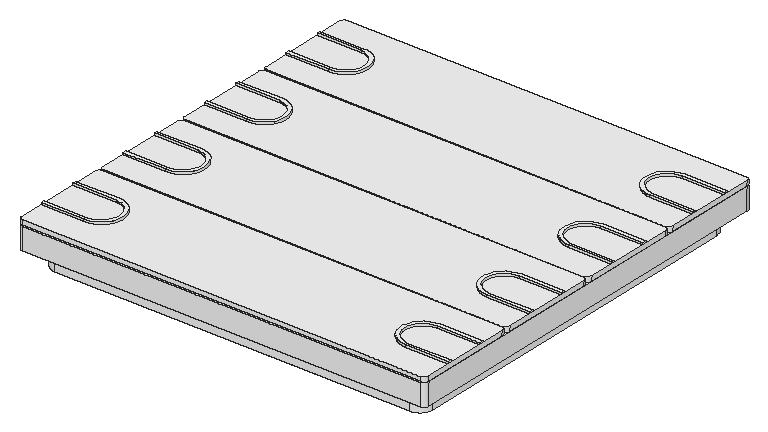
Revit family "Gira_5004028", category Electrical Fixtures, host Face, Revit 2017
Family settings
  Host = Face
  Maintain Annotation Orientation = No
  Round Connector Dimension = Use Diameter
  Part Type = Normal
  Cut with Voids When Loaded = No
  Shared = No
  Room Calculation Point = No
Parameters (values of type "KNX PB sens.4 Komfort 4-g TS4 anthra.")
  With room temperature controller = no
  With label area = no
  With display = no
  With anti-theft/dismantling protection = yes
  With IR sensor = no
  White = White
  URL = "https://www.gira.de/"
  Type Comments = ""
  Transparent = no
  Radio frequent bidirectional = no
  Number of buttons = 4
  Model = ""
  Manufacturer = "Gira"
  Keynote = ""
  HeinzeBIM = "https://www.heinze.de/bim/knx-pb-sens-4-komfort-4-g-ts4-anthra-/22c19445527d9a9535a5947dfc0d9e55c878384b"
  HAN = "5004028"
  GTIN = "4010337070849"
  Description = ""
  Default Elevation = 1219.2 mm
  Cost = 0
  Colour = "anthracite"
  Bus connection included = yes
  BIMSITE_PRODUCT_ID = "22c19445527d9a9535a5947dfc0d9e55c878384b"
  BIM = "https://media.live.bim.site/t/eyJhbGciOiJIUzI1NiIsInR5cCI6IkpXVCJ9.eyJjdCI6MSwidGYiOiJwdWJsaWMvZ2lyYS8wOWY1ZGI1LzQwXzUwMDEwMCBUUzQgNGZhY2gucmZhIiwiY2lkIjoiZmVkOThlOWEtMWJkOC00YzY4LWE3M2ItNzRhOTRlMzE1ODIzIiwicmlkIjoiYTEwMzkyNDA3NGQ0NzZkNWQ5ZTAxZGYwYzZhY2ViNTMiLCJwaWQiOiIyMmMxOTQ0NTUyN2Q5YTk1MzVhNTk0N2RmYzBkOWU1NWM4NzgzODRiIiwic2lkIjoiNjM0NzAiLCJ1dCI6NSwibGMiOiJlbiIsImlhdCI6MTYwNzQzODUzMywiaXNzIjoiaHR0cHM6Ly9hcGkubGl2ZS5iaW0uc2l0ZSIsInN1YiI6IjhkM2FhNWNiLWUwNjYtNDU5OC1iZTE2LTZlMTZlZTc0OTU2YSJ9.Xw6sXsQjUJMEFgkmCu5fOCLeQJo-SOJsduuvIc6ZxbQ/40_500100 TS4 4fach.rfa"
  Assembly Code = ""
Reference planes
  plane 1 "Center (Front/Back)": y = 0
  plane 2: z = 0
  plane 3 "Center (Left/Right)": x = 0
Forms (mm)
  Extrusion 1, solid, material "White", detail levels fine
    sketch origin (0, 0, 0) x (1, 0, 0) y (0, 1, 0)
      loop
        line (25.45, 35.45) -> (-25.45, 35.45)
        arc (-25.45, 35.45) -> (-32.521, 32.521) -> (-35.45, 25.45) r 10
        line (-35.45, 25.45) -> (-35.45, -25.45)
        arc (-35.45, -25.45) -> (-32.521, -32.521) -> (-25.45, -35.45) r 10
        line (-25.45, -35.45) -> (25.45, -35.45)
        arc (25.45, -35.45) -> (32.521, -32.521) -> (35.45, -25.45) r 10
        line (35.45, -25.45) -> (35.45, 25.45)
        arc (35.45, 25.45) -> (32.521, 32.521) -> (25.45, 35.45) r 10
      loop
        arc (-31.325, 28.496) -> (-31.325, 25.668) -> (-28.496, 25.668) r 2
        line (-28.496, 25.668) -> (-25.668, 28.496)
        arc (-25.668, 28.496) -> (-25.668, 31.325) -> (-28.496, 31.325) r 2
        line (-28.496, 31.325) -> (-31.325, 28.496)
      loop
        arc (-28.496, -31.325) -> (-25.668, -31.325) -> (-25.668, -28.496) r 2
        line (-25.668, -28.496) -> (-28.496, -25.668)
        arc (-28.496, -25.668) -> (-31.325, -25.668) -> (-31.325, -28.496) r 2
        line (-31.325, -28.496) -> (-28.496, -31.325)
      loop
        line (31.325, 28.496) -> (28.496, 31.325)
        arc (28.496, 31.325) -> (25.668, 31.325) -> (25.668, 28.496) r 2
        line (25.668, 28.496) -> (28.496, 25.668)
        arc (28.496, 25.668) -> (31.325, 25.668) -> (31.325, 28.496) r 2
      loop
        line (28.496, -31.325) -> (31.325, -28.496)
        arc (31.325, -28.496) -> (31.325, -25.668) -> (28.496, -25.668) r 2
        line (28.496, -25.668) -> (25.668, -28.496)
        arc (25.668, -28.496) -> (25.668, -31.325) -> (28.496, -31.325) r 2
      loop
        line (-13.39, 22.831) -> (-22.831, 13.39) -> (-22.831, -13.39) -> (-13.39, -22.831) -> (13.39, -22.831) -> (22.831, -13.39) -> (22.831, 13.39) -> (13.39, 22.831) -> (-13.39, 22.831)
      loop
        arc (-1.681, 31.793) -> (-6.669, 29.581) -> (-1.417, 28.102) r 2.9
        arc (-1.417, 28.102) -> (2.178, 28.079) -> (5.741, 27.6) r 28.291
        arc (5.741, 27.6) -> (7.553, 29.282) -> (6.077, 31.265) r 1.851
        arc (6.077, 31.265) -> (2.215, 31.784) -> (-1.681, 31.793) r 29.64
      loop
        arc (1.681, -31.793) -> (6.669, -29.581) -> (1.417, -28.102) r 2.9
        arc (1.417, -28.102) -> (-2.178, -28.079) -> (-5.741, -27.6) r 28.291
        arc (-5.741, -27.6) -> (-7.553, -29.282) -> (-6.077, -31.265) r 1.851
        arc (-6.077, -31.265) -> (-2.215, -31.784) -> (1.681, -31.793) r 29.64
      loop
        arc (-31.793, -1.681) -> (-29.581, -6.669) -> (-28.102, -1.417) r 2.9
        arc (-28.102, -1.417) -> (-28.079, 2.178) -> (-27.6, 5.741) r 28.291
        arc (-27.6, 5.741) -> (-29.282, 7.553) -> (-31.265, 6.077) r 1.851
        arc (-31.265, 6.077) -> (-31.784, 2.215) -> (-31.793, -1.681) r 29.64
      loop
        arc (31.793, 1.681) -> (29.581, 6.669) -> (28.102, 1.417) r 2.9
        arc (28.102, 1.417) -> (28.079, -2.178) -> (27.6, -5.741) r 28.291
        arc (27.6, -5.741) -> (29.282, -7.553) -> (31.265, -6.077) r 1.851
        arc (31.265, -6.077) -> (31.784, -2.215) -> (31.793, 1.681) r 29.64
    from 0 to -1
  Extrusion 2, solid, material "White", detail levels medium+fine
    sketch origin (0, 0, 0) x (1, 0, 0) y (0, 1, 0)
      loop
        line (-22.831, 13.39) -> (-22.831, -13.39) -> (-13.39, -22.831) -> (13.39, -22.831) -> (22.831, -13.39) -> (22.831, 13.39) -> (13.39, 22.831) -> (-13.39, 22.831) -> (-22.831, 13.39)
    from 0 to -15.5
  Extrusion 3, solid, material "White", detail levels medium
    sketch origin (0, 0, 0) x (1, 0, 0) y (0, 1, 0)
      loop
        line (35.45, 35.45) -> (-35.45, 35.45) -> (-35.45, -35.45) -> (35.45, -35.45) -> (35.45, 35.45)
    from 0 to -1
  Extrusion 4, solid, material "White" <- "White", detail levels fine
    sketch origin (0, 0, 0) x (1, 0, 0) y (0, 1, 0)
      loop
        arc (-41.4, 44.4) -> (-43.521, 43.521) -> (-44.4, 41.4) r 3
        line (-44.4, 41.4) -> (-44.4, -41.4)
        arc (-44.4, -41.4) -> (-43.521, -43.521) -> (-41.4, -44.4) r 3
        line (-41.4, -44.4) -> (41.4, -44.4)
        arc (41.4, -44.4) -> (43.521, -43.521) -> (44.4, -41.4) r 3
        line (44.4, -41.4) -> (44.4, 41.4)
        arc (44.4, 41.4) -> (43.521, 43.521) -> (41.4, 44.4) r 3
        line (41.4, 44.4) -> (-41.4, 44.4)
      loop
        arc (-42.4, -41.4) -> (-42.107, -42.107) -> (-41.4, -42.4) r 1
        line (-41.4, -42.4) -> (41.4, -42.4)
        arc (41.4, -42.4) -> (42.107, -42.107) -> (42.4, -41.4) r 1
        line (42.4, -41.4) -> (42.4, 41.4)
        arc (42.4, 41.4) -> (42.107, 42.107) -> (41.4, 42.4) r 1
        line (41.4, 42.4) -> (-41.4, 42.4)
        arc (-41.4, 42.4) -> (-42.107, 42.107) -> (-42.4, 41.4) r 1
        line (-42.4, 41.4) -> (-42.4, -41.4)
    from 0 to 4
  Extrusion 5, solid, material "White" <- "White", detail levels medium
    sketch origin (0, 0, 0) x (1, 0, 0) y (0, 1, 0)
      loop
        line (-44.4, 44.4) -> (-44.4, -44.4) -> (44.4, -44.4) -> (44.4, 44.4) -> (-44.4, 44.4)
    from 0 to 4
  Extrusion 6, solid, material "White" <- "White", detail levels fine
    sketch origin (0, 0, 0) x (1, 0, 0) y (0, 1, 0)
      loop
        line (-46.5, -47.5) -> (46.5, -47.5)
        arc (46.5, -47.5) -> (47.207, -47.207) -> (47.5, -46.5) r 1
        line (47.5, -46.5) -> (47.5, 46.5)
        arc (47.5, 46.5) -> (47.207, 47.207) -> (46.5, 47.5) r 1
        line (46.5, 47.5) -> (-46.5, 47.5)
        arc (-46.5, 47.5) -> (-47.207, 47.207) -> (-47.5, 46.5) r 1
        line (-47.5, 46.5) -> (-47.5, -46.5)
        arc (-47.5, -46.5) -> (-47.207, -47.207) -> (-46.5, -47.5) r 1
    from 4 to 9
  Extrusion 7, solid, material "White" <- "White", detail levels medium
    sketch origin (0, 0, 0) x (1, 0, 0) y (0, 1, 0)
      loop
        line (-47.5, -47.5) -> (47.5, -47.5) -> (47.5, -23.957) -> (-47.5, -23.947) -> (-47.5, -47.5)
      loop
        line (-47.5, -23.647) -> (47.5, -23.657) -> (47.5, -0.2) -> (-47.5, -0.2) -> (-47.5, -23.647)
      loop
        line (-47.5, 47.5) -> (-47.5, 23.947) -> (47.5, 23.957) -> (47.5, 47.5) -> (-47.5, 47.5)
      loop
        line (-47.5, 23.647) -> (-47.5, 0.2) -> (47.5, 0.2) -> (47.5, 23.657) -> (-47.5, 23.647)
    from 4 to 10.7
  Extrusion 8, solid, material "White" <- "White", detail levels fine
    sketch origin (0, 0, 0) x (1, 0, 0) y (0, 1, 0)
      loop
        line (47.5, 24.957) -> (47.5, 46.5)
        arc (47.5, 46.5) -> (47.207, 47.207) -> (46.5, 47.5) r 1
        line (46.5, 47.5) -> (-46.5, 47.5)
        arc (-46.5, 47.5) -> (-47.207, 47.207) -> (-47.5, 46.5) r 1
        line (-47.5, 46.5) -> (-47.5, 24.947)
        arc (-47.5, 24.947) -> (-47.207, 24.24) -> (-46.5, 23.947) r 1
        line (-46.5, 23.947) -> (46.5, 23.957)
        arc (46.5, 23.957) -> (47.207, 24.25) -> (47.5, 24.957) r 1
      loop
        line (-46.5, 0.2) -> (46.5, 0.2)
        arc (46.5, 0.2) -> (47.207, 0.493) -> (47.5, 1.2) r 1
        line (47.5, 1.2) -> (47.5, 22.657)
        arc (47.5, 22.657) -> (47.207, 23.364) -> (46.5, 23.657) r 1
        line (46.5, 23.657) -> (-46.5, 23.647)
        arc (-46.5, 23.647) -> (-47.207, 23.354) -> (-47.5, 22.647) r 1
        line (-47.5, 22.647) -> (-47.5, 1.2)
        arc (-47.5, 1.2) -> (-47.207, 0.493) -> (-46.5, 0.2) r 1
      loop
        arc (47.5, -24.957) -> (47.207, -24.25) -> (46.5, -23.957) r 1
        line (46.5, -23.957) -> (-46.5, -23.947)
        arc (-46.5, -23.947) -> (-47.207, -24.24) -> (-47.5, -24.947) r 1
        line (-47.5, -24.947) -> (-47.5, -46.5)
        arc (-47.5, -46.5) -> (-47.207, -47.207) -> (-46.5, -47.5) r 1
        line (-46.5, -47.5) -> (46.5, -47.5)
        arc (46.5, -47.5) -> (47.207, -47.207) -> (47.5, -46.5) r 1
        line (47.5, -46.5) -> (47.5, -24.957)
      loop
        arc (-46.5, -0.2) -> (-47.207, -0.493) -> (-47.5, -1.2) r 1
        line (-47.5, -1.2) -> (-47.5, -22.647)
        arc (-47.5, -22.647) -> (-47.207, -23.354) -> (-46.5, -23.647) r 1
        line (-46.5, -23.647) -> (46.5, -23.657)
        arc (46.5, -23.657) -> (47.207, -23.364) -> (47.5, -22.657) r 1
        line (47.5, -22.657) -> (47.5, -1.2)
        arc (47.5, -1.2) -> (47.207, -0.493) -> (46.5, -0.2) r 1
        line (46.5, -0.2) -> (-46.5, -0.2)
    from 9.3 to 10.3
  Extrusion 9, solid, material "White" <- "White", detail levels fine
    sketch origin (0, 0, 0) x (1, 0, 0) y (0, 1, 0)
      loop
        line (-37.5, 40.697) -> (-47.5, 40.697) -> (-47.5, 39.897) -> (-37.5, 39.897)
        arc (-37.5, 39.897) -> (-33.3, 35.697) -> (-37.5, 31.497) r 4.2
        line (-37.5, 31.497) -> (-47.5, 31.497) -> (-47.5, 30.697) -> (-37.5, 30.697)
        arc (-37.5, 30.697) -> (-32.5, 35.697) -> (-37.5, 40.697) r 5
      loop
        arc (37.5, 40.697) -> (32.5, 35.697) -> (37.5, 30.697) r 5
        line (37.5, 30.697) -> (47.5, 30.697) -> (47.5, 31.497) -> (37.5, 31.497)
        arc (37.5, 31.497) -> (33.3, 35.697) -> (37.5, 39.897) r 4.2
        line (37.5, 39.897) -> (47.5, 39.897) -> (47.5, 40.697) -> (37.5, 40.697)
      loop
        arc (-37.5, -16.883) -> (-32.5, -11.883) -> (-37.5, -6.883) r 5
        line (-37.5, -6.883) -> (-47.5, -6.883) -> (-47.5, -7.683) -> (-37.5, -7.683)
        arc (-37.5, -7.683) -> (-33.3, -11.883) -> (-37.5, -16.083) r 4.2
        line (-37.5, -16.083) -> (-47.5, -16.083) -> (-47.5, -16.883) -> (-37.5, -16.883)
      loop
        line (37.5, -16.883) -> (47.5, -16.883) -> (47.5, -16.083) -> (37.5, -16.083)
        arc (37.5, -16.083) -> (33.3, -11.883) -> (37.5, -7.683) r 4.2
        line (37.5, -7.683) -> (47.5, -7.683) -> (47.5, -6.883) -> (37.5, -6.883)
        arc (37.5, -6.883) -> (32.5, -11.883) -> (37.5, -16.883) r 5
      loop
        arc (-37.5, -40.697) -> (-32.5, -35.697) -> (-37.5, -30.697) r 5
        line (-37.5, -30.697) -> (-47.5, -30.697) -> (-47.5, -31.497) -> (-37.5, -31.497)
        arc (-37.5, -31.497) -> (-33.3, -35.697) -> (-37.5, -39.897) r 4.2
        line (-37.5, -39.897) -> (-47.5, -39.897) -> (-47.5, -40.697) -> (-37.5, -40.697)
      loop
        line (37.5, -40.697) -> (47.5, -40.697) -> (47.5, -39.897) -> (37.5, -39.897)
        arc (37.5, -39.897) -> (33.3, -35.697) -> (37.5, -31.497) r 4.2
        line (37.5, -31.497) -> (47.5, -31.497) -> (47.5, -30.697) -> (37.5, -30.697)
        arc (37.5, -30.697) -> (32.5, -35.697) -> (37.5, -40.697) r 5
      loop
        line (-37.5, 16.883) -> (-47.5, 16.883) -> (-47.5, 16.083) -> (-37.5, 16.083)
        arc (-37.5, 16.083) -> (-33.3, 11.883) -> (-37.5, 7.683) r 4.2
        line (-37.5, 7.683) -> (-47.5, 7.683) -> (-47.5, 6.883) -> (-37.5, 6.883)
        arc (-37.5, 6.883) -> (-32.5, 11.883) -> (-37.5, 16.883) r 5
      loop
        arc (37.5, 16.883) -> (32.5, 11.883) -> (37.5, 6.883) r 5
        line (37.5, 6.883) -> (47.5, 6.883) -> (47.5, 7.683) -> (37.5, 7.683)
        arc (37.5, 7.683) -> (33.3, 11.883) -> (37.5, 16.083) r 4.2
        line (37.5, 16.083) -> (47.5, 16.083) -> (47.5, 16.883) -> (37.5, 16.883)
    from 9.5 to 10.7
  Extrusion 10, solid, material "White" <- "White", detail levels coarse
    sketch origin (0, 0, 0) x (1, 0, 0) y (0, 1, 0)
      loop
        line (-47.5, -47.5) -> (47.5, -47.5) -> (47.5, 47.5) -> (-47.5, 47.5) -> (-47.5, -47.5)
    from -15.4 to 10.7
Lines and regions (mm)
  reference lines
    curve 1: line (0, 47.5, 0) -> (0, -47.5, 0)
    curve 2: line (-47.5, 0, 0) -> (47.5, 0, 0)
Dimensions and locks
  aligned and locked: plane 2 to host face
  aligned and locked: level to host face
Connectors
  electrical at (0, 0, -15.5)
    settings: on Extrusion 2, index 1, voltage 220 V, apparent load 0 VA, apparent load phase1 0 VA, apparent load phase2 0 VA, apparent load phase3 0 VA, power factor 1, load classification "Other", number of poles 1, system type 31, power factor state 1, is connector primary yes, connector utility no, sub classification motor no, connector description ""
